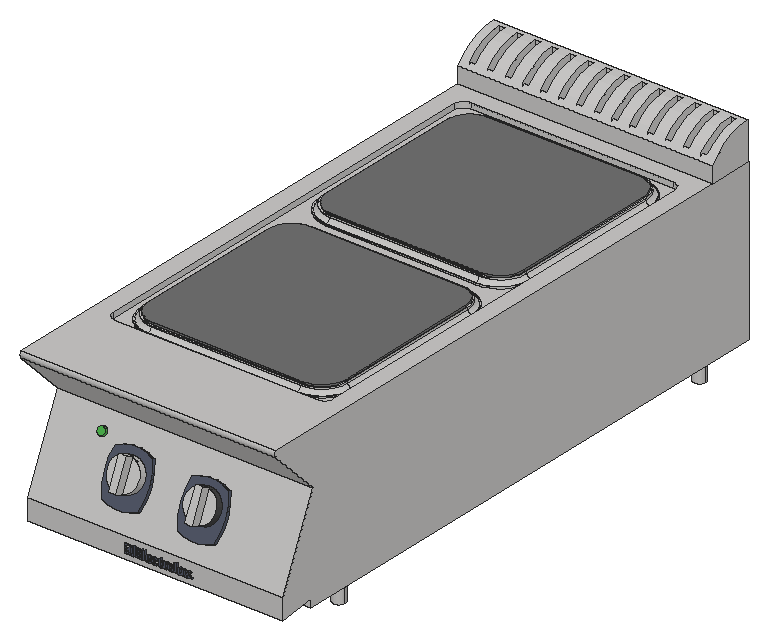
Revit family "QF_ELECTROLUXPROFESSIONAL_391039_E9ECED2Q00", category Specialty Equipment, Revit 2018 (continued)
Automatic sketch dimensions
  Extrusion 25 sketch curve to Extrusion 25 sketch curve = 0.671 mm
  Extrusion 25 sketch curve to Extrusion 25 sketch curve = 0.777 mm
  Extrusion 25 sketch curve to Extrusion 25 sketch curve = 0.704 mm
  Extrusion 25 sketch curve to Extrusion 25 sketch curve = 0.781 mm  (x2)
  Extrusion 25 sketch curve to Extrusion 25 sketch curve = 1.634 mm
  Extrusion 25 sketch curve to Extrusion 25 sketch curve = 0.132 mm
  Extrusion 25 sketch curve to Extrusion 25 sketch curve = 3.136 mm
  Extrusion 25 sketch curve to Extrusion 25 sketch curve = 2.422 mm
  Extrusion 25 sketch curve to Extrusion 25 sketch curve = 0.586 mm
  Extrusion 25 sketch curve to Extrusion 25 sketch curve = 2.046 mm  (x2)
  Extrusion 25 sketch curve to Extrusion 25 sketch curve = 1.241 mm
  Extrusion 25 sketch curve to Extrusion 25 sketch curve = 1.689 mm
  Extrusion 25 sketch curve to Extrusion 25 sketch curve = 2.859 mm
  Extrusion 25 sketch curve to Extrusion 25 sketch curve = 0.627 mm
  Extrusion 25 sketch curve to Extrusion 25 sketch curve = 0.863 mm
  Extrusion 25 sketch curve to Extrusion 25 sketch curve = 0.419 mm
  Extrusion 25 sketch curve to Extrusion 25 sketch curve = 1.514 mm
  Extrusion 25 sketch curve to Extrusion 25 sketch curve = 1.019 mm
  Extrusion 25 sketch curve to Extrusion 25 sketch curve = 0.065 mm
  Extrusion 25 sketch curve to Extrusion 25 sketch curve = 1.215 mm
  Extrusion 25 sketch curve to Extrusion 25 sketch curve = 2.708 mm
  Extrusion 25 sketch curve to Extrusion 25 sketch curve = 1.122 mm
  Extrusion 25 sketch curve to Extrusion 25 sketch curve = 1.153 mm
  Extrusion 25 sketch curve to Extrusion 25 sketch curve = 3.009 mm
  Extrusion 25 sketch curve to Extrusion 25 sketch curve = 0.829 mm  (x2)
  Extrusion 25 sketch curve to Extrusion 25 sketch curve = 0.934 mm
  Extrusion 25 sketch curve to Extrusion 25 sketch curve = 3.376 mm
  Extrusion 25 sketch curve to Extrusion 25 sketch curve = 0.222 mm
  Extrusion 25 sketch curve to Extrusion 25 sketch curve = 1.383 mm
  Extrusion 25 sketch curve to Extrusion 25 sketch curve = 1.556 mm
  Extrusion 25 sketch curve to Extrusion 25 sketch curve = 2.559 mm
  Extrusion 25 sketch curve to Extrusion 25 sketch curve = 2.51 mm
  Extrusion 25 sketch curve to Extrusion 25 sketch curve = 0.131 mm
  Extrusion 25 sketch curve to Extrusion 25 sketch curve = 1.717 mm
  Extrusion 25 sketch curve to Extrusion 25 sketch curve = 1.134 mm
  Extrusion 25 sketch curve to Extrusion 25 sketch curve = 0.366 mm
  Extrusion 25 sketch curve to Extrusion 25 sketch curve = 0.094 mm
  Extrusion 25 sketch curve to Extrusion 25 sketch curve = 1.584 mm
  Extrusion 25 sketch curve to Extrusion 25 sketch curve = 1.501 mm
  Extrusion 25 sketch curve to Extrusion 25 sketch curve = 0.27 mm
  Extrusion 25 sketch curve to Extrusion 25 sketch curve = 1.808 mm
  Extrusion 25 sketch curve to Extrusion 25 sketch curve = 0.643 mm
  Extrusion 25 sketch curve to Extrusion 25 sketch curve = 0.916 mm
  Extrusion 25 sketch curve to Extrusion 25 sketch curve = 0.352 mm
  Extrusion 25 sketch curve to Extrusion 25 sketch curve = 0.458 mm
  Extrusion 25 sketch curve to Extrusion 25 sketch curve = 1.282 mm
  Extrusion 25 sketch curve to Extrusion 25 sketch curve = 1.363 mm
  Extrusion 25 sketch curve to Extrusion 25 sketch curve = 0.685 mm
  Extrusion 25 sketch curve to Extrusion 25 sketch curve = 0.905 mm
  Extrusion 25 sketch curve to Extrusion 25 sketch curve = 2.865 mm
  Extrusion 25 sketch curve to Extrusion 25 sketch curve = 0.472 mm
  Extrusion 25 sketch curve to Extrusion 25 sketch curve = 0.101 mm
  Extrusion 25 sketch curve to Extrusion 25 sketch curve = 0.54 mm
  Extrusion 25 sketch curve to Extrusion 25 sketch curve = 0.02 mm
  Extrusion 25 sketch curve to Extrusion 25 sketch curve = 0.582 mm
  Extrusion 25 sketch curve to Extrusion 25 sketch curve = 0.166 mm
  Extrusion 25 sketch curve to Extrusion 25 sketch curve = 0.16 mm
  Extrusion 25 sketch curve to Extrusion 25 sketch curve = 2.781 mm
  Extrusion 25 sketch curve to Extrusion 25 sketch curve = 1.118 mm
  Extrusion 25 sketch curve to Extrusion 25 sketch curve = 0.613 mm
  Extrusion 25 sketch curve to Extrusion 25 sketch curve = 0.361 mm
  Extrusion 25 sketch curve to Extrusion 25 sketch curve = 0.897 mm
  Extrusion 25 sketch curve to Extrusion 25 sketch curve = 0.167 mm
  Extrusion 25 sketch curve to Extrusion 25 sketch curve = 0.292 mm
  Extrusion 25 sketch curve to Extrusion 25 sketch curve = 0.305 mm
  Extrusion 25 sketch curve to Extrusion 25 sketch curve = 1.557 mm
  Extrusion 25 sketch curve to Extrusion 25 sketch curve = 2.499 mm
  Extrusion 25 sketch curve to Extrusion 25 sketch curve = 3.062 mm
  Extrusion 25 sketch curve to Extrusion 25 sketch curve = 2.968 mm
  Extrusion 25 sketch curve to Extrusion 25 sketch curve = 5.044 mm
  Extrusion 25 sketch curve to Extrusion 25 sketch curve = 0.629 mm  (x2)
  Extrusion 25 sketch curve to Extrusion 25 sketch curve = 1.131 mm
  Extrusion 25 sketch curve to Extrusion 25 sketch curve = 0.137 mm
  Extrusion 25 sketch curve to Extrusion 25 sketch curve = 0.027 mm
  Extrusion 25 sketch curve to Extrusion 25 sketch curve = 2.235 mm
  Extrusion 1 sketch curve to plane 12 = 0 mm
  Extrusion 1 sketch curve to plane 9 "BASE" = 0 mm
  Extrusion 1 sketch curve to plane 1 "BACK" = 0 mm
  Extrusion 1 sketch curve to plane 5 "FRONT" = 1.799 mm
  plane 9 "BASE" to Extrusion 1 sketch curve = 12.7 mm
  Extrusion 1 sketch curve to plane 12 = 55.977 mm
  Extrusion 1 sketch curve to plane 12 = 58.961 mm
  plane 9 "BASE" to Extrusion 1 sketch curve = 6.789 mm
  Extrusion 1 sketch curve to Extrusion 1 sketch curve = 32.253 mm
  Extrusion 1 sketch curve to plane 10 "TOP A" = 83.191 mm
  Extrusion 1 sketch curve to plane 10 "TOP A" = 9.015 mm
  Extrusion 32 sketch curve to Extrusion 1 = 31.119 mm  (x2)
  Extrusion 32 sketch curve to Extrusion 1 = 33.619 mm  (x2)
  Extrusion 32 sketch curve to Extrusion 32 sketch curve = 12.3 mm  (x6)
  Extrusion 32 sketch curve to Extrusion 32 sketch curve = 34.925 mm  (x3)
  Extrusion 32 sketch curve to Extrusion 32 sketch curve = 2.5 mm
  Extrusion 32 sketch curve to Extrusion 32 sketch curve = 45.146 mm  (x2)
  Extrusion 1 to Extrusion 32 sketch curve = 89.526 mm
  Extrusion 32 sketch curve to Extrusion 32 sketch curve = 25.727 mm  (x2)
  Extrusion 32 sketch curve to Extrusion 32 sketch curve = 25.771 mm  (x2)
  Extrusion 32 sketch curve to Extrusion 32 sketch curve = 28.531 mm  (x2)
  Extrusion 32 sketch curve to Extrusion 32 sketch curve = 11.797 mm
  plane 10 "TOP A" to Extrusion 1 sketch curve = 0 mm
  Extrusion 1 sketch curve to plane 5 "FRONT" = 1.959 mm
  Extrusion 1 sketch curve to plane 10 "TOP A" = 4.587 mm
  plane 5 "FRONT" to curve 3 = 0 mm
  curve 5 to plane 4 "RIGHT" = 0 mm
  curve 69 to plane 4 "RIGHT" = 0 mm
  plane 1 "BACK" to curve 12 = 0 mm
  curve 12 to plane 4 "RIGHT" = 0 mm
  curve 69 to plane 3 "LEFT" = 0 mm
  curve 6 to plane 3 "LEFT" = 0 mm
  curve 4 to plane 3 "LEFT" = 0 mm
  curve 12 to plane 3 "LEFT" = 0 mm
  plane 5 "FRONT" to curve 1 = 0 mm
  plane 4 "RIGHT" to curve 3 = 100.019 mm
  curve 17 to plane 4 "RIGHT" = 13.453 mm
  curve 17 to curve 18 = 9.296 mm
  plane 1 "BACK" to curve 68 = 6.761 mm
  curve 19 to curve 68 = 18.693 mm
  curve 65 to curve 67 = 9.296 mm
  curve 66 to curve 61 = 18.693 mm
  curve 61 to curve 63 = 9.296 mm
  plane 1 "BACK" to curve 60 = 6.761 mm
  curve 63 to curve 60 = 18.693 mm
  curve 57 to curve 59 = 9.296 mm
  plane 1 "BACK" to curve 56 = 6.761 mm
  curve 59 to curve 56 = 18.693 mm
  curve 53 to curve 55 = 9.296 mm
  plane 1 "BACK" to curve 52 = 6.761 mm
  curve 55 to curve 52 = 18.693 mm
  curve 49 to curve 51 = 9.296 mm
  plane 1 "BACK" to curve 48 = 6.761 mm
  plane 7 "Center Y" to curve 48 = 18.642 mm
  curve 45 to curve 47 = 9.296 mm
  curve 41 to plane 7 "Center Y" = 9.346 mm
  curve 41 to curve 44 = 9.296 mm
  plane 1 "BACK" to curve 37 = 6.761 mm
  curve 43 to curve 37 = 18.693 mm
  curve 37 to curve 39 = 9.296 mm
  plane 1 "BACK" to curve 36 = 6.761 mm
  curve 39 to curve 36 = 18.693 mm
  curve 33 to curve 35 = 9.296 mm
  plane 1 "BACK" to curve 32 = 6.761 mm
  curve 35 to curve 32 = 18.693 mm
  curve 29 to curve 31 = 9.296 mm
  plane 1 "BACK" to curve 28 = 6.761 mm
  curve 31 to curve 28 = 18.693 mm
  curve 25 to curve 28 = 9.296 mm
  plane 1 "BACK" to curve 24 = 6.761 mm
  curve 27 to curve 24 = 18.693 mm
  curve 21 to curve 23 = 9.296 mm
  plane 1 "BACK" to curve 16 = 6.761 mm
  curve 23 to curve 16 = 18.693 mm
  curve 13 to curve 14 = 9.296 mm
  curve 1 to plane 3 "LEFT" = 100.019 mm
  curve 1 to plane 1 "BACK" = 100.019 mm
  plane 1 "BACK" to curve 61 = 6.761 mm
  plane 1 "BACK" to curve 17 = 6.761 mm
  plane 1 "BACK" to curve 44 = 6.761 mm
  plane 13 to curve 35 = 18.089 mm
  plane 13 to curve 37 = 18.089 mm
  plane 13 to curve 31 = 18.089 mm
  plane 13 to curve 41 = 18.089 mm
  plane 13 to curve 27 = 18.089 mm
  plane 13 to curve 45 = 18.089 mm
  plane 13 to curve 23 = 18.089 mm
  plane 13 to curve 49 = 18.089 mm
  plane 13 to curve 19 = 18.089 mm
  plane 13 to curve 53 = 18.089 mm
  plane 13 to curve 15 = 18.089 mm
  plane 13 to curve 57 = 18.089 mm
  plane 13 to curve 65 = 18.089 mm
  plane 13 to curve 61 = 18.089 mm
  plane 13 to curve 69 = 12.15 mm
  curve 4 to plane 13 = 116.623 mm
  curve 5 to plane 13 = 116.623 mm
  curve 4 to curve 6 = 69.85 mm
  curve 6 to curve 6 = 50.8 mm
  curve 4 to plane 5 "FRONT" = 0 mm
  curve 70 to plane 13 = 15.534 mm
  plane 3 "LEFT" to curve 70 = 42.5 mm
  curve 70 to curve 70 = 15 mm
  curve 8 to Extrusion 2 = 15 mm  (x2)
  curve 8 to Extrusion 2 = 0 mm
  curve 72 to plane 11 = 8.115 mm
  curve 72 to plane 4 "RIGHT" = 40.249 mm
  curve 71 to plane 13 = 15.534 mm
  curve 71 to plane 4 "RIGHT" = 40.249 mm
  curve 72 to curve 72 = 15 mm
  curve 71 to curve 71 = 15 mm
  curve 73 to plane 11 = 8.115 mm
  plane 3 "LEFT" to curve 73 = 42.5 mm
  curve 73 to curve 73 = 15 mm
  curve 11 to Extrusion 2 = 15 mm  (x2)
  Extrusion 2 to curve 11 = 0 mm
  curve 78 to plane 4 "RIGHT" = 41.275 mm
  curve 79 to curve 80 = 37 mm
  curve 79 to curve 78 = 37 mm
  plane 3 "LEFT" to curve 76 = 86.725 mm
  curve 74 to curve 70 = 44.225 mm
  curve 74 to curve 75 = 37 mm
  curve 81 to plane 13 = 35.419 mm
  plane 8 "Center X" to curve 75 = 75.581 mm
  curve 74 to curve 82 = 0 mm  (x2)
  curve 76 to curve 84 = 0 mm  (x2)
  curve 78 to curve 86 = 0 mm  (x2)
  curve 80 to curve 88 = 0 mm
  curve 86 to curve 79 = 3 mm
  curve 74 to curve 90 = 0 mm  (x2)
  curve 76 to curve 96 = 0 mm  (x2)
  curve 78 to curve 94 = 0 mm  (x2)
  curve 80 to curve 92 = 0 mm
  curve 93 to curve 87 = 6.35 mm
  curve 74 to curve 98 = 0 mm  (x2)
  curve 76 to curve 100 = 0 mm  (x2)
  curve 78 to curve 102 = 0 mm  (x2)
  curve 80 to curve 104 = 0 mm
  curve 103 to curve 93 = 1.714 mm
  curve 110 to plane 4 "RIGHT" = 30.211 mm
  curve 109 to plane 11 = 1.936 mm
  curve 72 to curve 109 = 38.026 mm
  plane 8 "Center X" to curve 112 = 8.064 mm
  curve 112 to curve 101 = 0 mm
  curve 113 to curve 100 = 0 mm
  curve 108 to plane 11 = 50 mm
  curve 108 to curve 73 = 44.225 mm
  curve 106 to curve 114 = 0 mm  (x2)
  curve 108 to curve 120 = 0 mm  (x2)
  curve 110 to curve 118 = 0 mm  (x2)
  curve 112 to curve 116 = 0 mm
  curve 111 to curve 117 = 1.714 mm
  curve 106 to curve 122 = 0 mm  (x2)
  curve 108 to curve 124 = 0 mm  (x2)
  curve 110 to curve 126 = 0 mm  (x2)
  curve 112 to curve 128 = 0 mm
  curve 128 to plane 8 "Center X" = 0 mm
  curve 106 to curve 130 = 0 mm  (x2)
  curve 108 to curve 132 = 0 mm  (x2)
  curve 110 to curve 134 = 0 mm  (x2)
  curve 112 to curve 136 = 0 mm
  curve 127 to curve 135 = 3 mm
  radius of Sweep 21 sketch curve to Extrusion 20 = 0 mm  (x2)
  radius of Sweep 22 sketch curve to Extrusion 20 = 0 mm  (x2)
  radius of Extrusion 23 sketch curve to Extrusion 20 = 3 mm  (x4)
  radius of Extrusion 3 sketch curve = 9.525 mm  (x4)
  radius of Extrusion 26 sketch curve = 25.4 mm
  radius of Extrusion 27 sketch curve to Extrusion 26 = 0 mm  (x2)
  radius of Extrusion 28 sketch curve = 25.4 mm
  radius of Extrusion 29 sketch curve to Extrusion 28 = 0 mm  (x2)
  radius of Extrusion 24 sketch curve = 6.35 mm
  radius of Extrusion 30 sketch curve = 12.7 mm
  radius of Extrusion 31 sketch curve = 12.7 mm
Connectors
  electrical at (339, -583, 11.3), driven by "Volts", driven by "Watts"
    settings: on Extrusion 31, index 1, voltage 400 V, apparent load 8000 VA, apparent load phase1 0 VA, apparent load phase2 0 VA, apparent load phase3 0 VA, power factor 1, load classification "Other", number of poles 1, system type 30, power factor state 1, is connector primary yes, connector utility no, sub classification motor no, connector description "ELECTRICAL CONNECTION"
